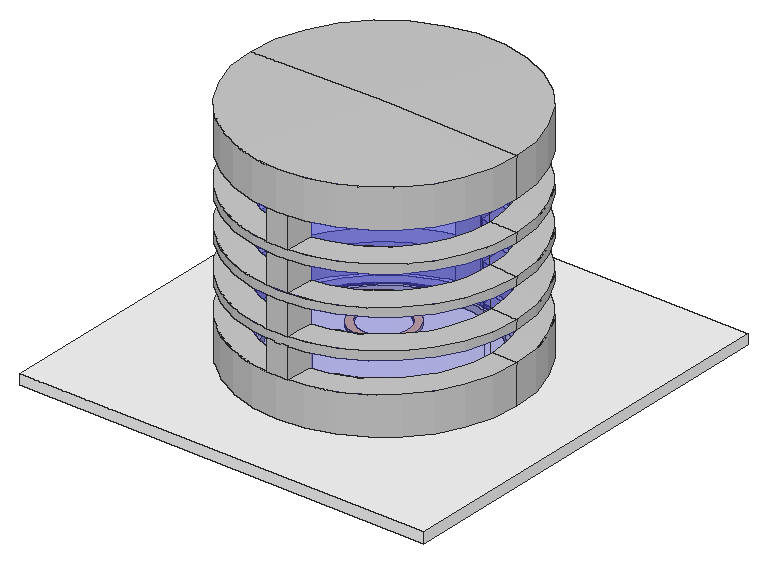
Revit family "BE_99777_de_DE", category Leuchten, Revit 2020
Family settings
  Basisbauteil = Fläche
  Bemaßung runder Anschluss = Durchmesser verwenden
  Teiletyp = Normal
  Beim Laden mit Abzugskörper schneiden = Ja
  Lichtquelle = Ja
  Gemeinsam genutzt = Nein
  Raumberechnungspunkt = Ja
Parameters (values of type "BEGA_99777_Silber_K4")
  built-in parameter 1150104 = 12.482 (stored number, unit not read)
  Werkzeuglos = ""
  Wattage = 29.4 W
  Default Elevation = 0 mm
  built-in parameter 1150113 = 1 (stored number, unit not read)
  built-in parameter 1114218 = 1 (stored number, unit not read)
  Umgebungstemperatur = "25 °C"
  URL = "https://www.bega.com/de/produkt/99777"
  Typenkommentare = "© 2022 BEGA. Wir behalten uns das Recht vor, technische Änderungen ohne vorherige Ankündigung vorzunehmen."  # constant formula
  Type Image = 99777.png
  built-in parameter 1150134 = 12
  built-in parameter 1150109 = 1 (stored number, unit not read)
  Strom = ""
  built-in parameter 1150110 = 1 (stored number, unit not read)
  Spannung = 239.996 V
  Sonderanfertigung = no
  Seriennummer [instance] = "Hier können Sie die eindeutige Seriennummer für das Facility Management eintragen."
  Schutzklasse = "I"
  Schutzart = "IP 65"
  Scheinlast = 0 VA
  Produktdatenblatt = "https://cdn.bega.com/bega/products/99777K3/current/documents/data-sheets/de"
  Oberflächentemperatur = ""
  Neigungswinkel = 0.00°
  Modell = "99777AK4"
  Material_18 = BEGA_Gummi_schwarz
  Material_17 = BEGA_Reflektor
  Material_15 = BEGA_Leuchtmedium_matt
  Material_11 = BEGA_Glas_opal
  Material_06 = BEGA_Oberfläche_Edelstahl_gebürstet
  Material_02 = BEGA_Oberfläche_Silber_matt
  Material_01 [instance] = BEGA_Oberfläche_Grafit_matt
  M_G = no
  M_A = yes
  Logo = 0
  built-in parameter 1114217 = 1 (stored number, unit not read)
  built-in parameter 1150139 = (empty or 0)
  built-in parameter 1150105 = 314.32 (stored number, unit not read)
  built-in parameter 1150114 = 1 (stored number, unit not read)
  Lumens = 3949.89 lm
  built-in parameter 1150115 = 1 (stored number, unit not read)
  Leuchtenlichtstrom = "900 lm"
  Leuchtenanzahl = ""
  Lebensdauerkriterien = "L70B50 @ 25 °C = 86000 h"
  Lastklassifizierung = Beleuchtung
  built-in parameter 1150112 = 1 (stored number, unit not read)
  Lampenlichtstrom = "4960 lm"
  Lampe = "LED 28.1 W"
  LED_Modulbezeichnung = "LED-0556/840"
  built-in parameter 1150142 = (empty or 0)
  Hersteller = "BEGA"  # constant formula
  Gewicht = "10.95 kg"
  Gebrauchslageneinschränkung [instance] = ""
  Frequenz = "0/50-60 Hz"
  Farbwiedergabeindex = "CRI > 80"
  Farbtemperaturverschiebung bei Dämpfen der Lampe = <Keine Auswahl>
  Farbtemperatur = "4000 K"
  Color Filter = 16777215
  built-in parameter 1150133 = 10 (stored number, unit not read)
  Energieeffizienzklasse = "LED A++ - A"
  built-in parameter 1150137 = (empty or 0)
  built-in parameter 1150132 = (empty or 0)
  ENEC = "ja"
  Datei für fotometrisches Netz = "BE_99777K4.IES"
  CE_Konformität = "ja"
  Bestellnummer = "99777AK4"
  Beschreibung_Sonderanfertigung = "Hier können Sie Informationen zur Sonderanfertigung eintragen."
  Beschreibung = "Pollerleuchtenkopf"
  built-in parameter 1150106 = 3.1432 (stored number, unit not read)
  BEGA_Intern_aus = yes
  BEGA_Intern_an = yes
  BEGA_Intern_Konstruktion = yes
  BEGA_Intern = yes
  BEGA_IES = yes
  BEGA_Dummy = no
  Anschlussleistung [instance] = "32.4 W"
  built-in parameter 1150107 = 4000 (stored number, unit not read)
  built-in parameter 1150102 = (empty or 0)
  built-in parameter 1150138 = (empty or 0)
  Aktualisierung = "2022-05-20T04:00:08"
  AC/DC = "AC/DC"
Types (4, lengths in mm): name | built-in parameter 1150134 | Modell | M_G | M_A | Leuchtenlichtstrom | Lampenlichtstrom | LED_Modulbezeichnung | Farbtemperatur | Datei für fotometrisches Netz | Bestellnummer | built-in parameter 1150107
  BEGA_99777_Silber_K4 | 12 | "99777AK4" | no | yes | "900 lm" | "4960 lm" | "LED-0556/840" | "4000 K" | "BE_99777K4.IES" | "99777AK4" | 4000 (stored number, unit not read)
  BEGA_99777_Grafit_K4 | 12 | "99777K4" | yes | no | "900 lm" | "4960 lm" | "LED-0556/840" | "4000 K" | "BE_99777K4.IES" | "99777K4" | 4000 (stored number, unit not read)
  BEGA_99777_Silber_K3 | (empty or 0) | "99777AK3" | no | yes | "888 lm" | "4895 lm" | "LED-0556/830" | "3000 K" | "BE_99777K3.IES" | "99777AK3" | 3000 (stored number, unit not read)
  BEGA_99777_Grafit_K3 | (empty or 0) | "99777K3" | yes | no | "888 lm" | "4895 lm" | "LED-0556/830" | "3000 K" | "BE_99777K3.IES" | "99777K3" | 3000 (stored number, unit not read)
Reference planes
  plane 1 "Mitte (Vorne/Hinten)": y = 0
  plane 2: z = 0
  plane 3 "Mitte (Links/Rechts)": x = 0
  plane 4 "Links": x = -132
  plane 5 "Rechts": x = 132
  plane 6 "Unten": y = -132.003
  plane 7 "Oben": y = 132
  plane 8 "Vorne": z = 225
  plane 9 "Hinten": z = -133.75
Forms (mm)
  Extrusion 1, solid, material "BEGA_Platte_Weiss"
    sketch origin (0, -1119.2, 0) x (1, 0, 0) y (0, 1, 0)
      loop
        line (-200, 1319.2) -> (-200, 919.2) -> (200, 919.2) -> (200, 1319.2) -> (-200, 1319.2)
    from 0 to -10
  Extrusion 2, solid, material "BEGA_Dummy_matt", visible <- "BEGA_Dummy"
    sketch origin (77.149, -76.023, 0) x (1, 0, 0) y (0, 1, 0)
      loop
        circle (-77.149, 76.023) r 132.029
    from -133.75 to 224.104
Dimensions and locks
  plane 1 "Mitte (Vorne/Hinten)" to Extrusion 1 = 200 mm
  aligned and locked: plane 2 to Extrusion 1
  aligned and locked: level to Extrusion 1
Nested families
  nested 1: "BE_99777_Pollerkopf" at (0, 0, 0), type "BE_99777_Pollerkopf"
    with BEGA_Infotext_Winkel no
Connectors
  electrical at (0, 0, 0), driven by "Lastklassifizierung", driven by "Spannung", driven by "Scheinlast"
    settings: index 1, voltage 239.996 V, apparent load 0 VA, apparent load phase1 0 VA, apparent load phase2 0 VA, apparent load phase3 0 VA, power factor 1, load classification "Beleuchtung", number of poles 1, system type 31, power factor state 1, is connector primary yes, connector utility no, sub classification motor no, connector description ""
Definition of nested family "BE_99777_Pollerkopf"
  Parameters (values of type "BE_99777_Pollerkopf")
    Default Elevation = 1 mm
    URL = "http://www.bega.de/de/produkt"
    Type Comments = "© 2015 BEGA. Wir behalten uns das Recht vor, technische Änderungen ohne vorherige Ankündigung vorzunehmen. "  # constant formula
    Type Image = element 69191
    Material_18 = none
    Material_15 = none
    Material_11 = none
    Material_02 = none
    Material_01 = none
    M_G = yes
    M_A = yes
    Länge_Platte = 300 mm  # constant formula
    Höhe_Platte = -10 mm  # constant formula
    Manufacturer = "BEGA"  # constant formula
    Breite_Platte = 300 mm  # constant formula
    BEGA_Infotext_Winkel [instance] = no
    Aktualisierung = "Stand: 25.03.2015"  # constant formula
  Reference planes
    plane 1 "Mitte (Oben/Unten)": y = 0
    plane 2: z = 0
    plane 3 "Mitte (Links/Rechts)": x = 0
    plane 4: x = -132
    plane 5: x = 132
    plane 6: z = 224.104
    plane 7: y = -132.003
    plane 8: y = 132
    plane 9: z = -133.75
  Forms (mm)
    Extrusion 1, solid, detail levels medium
      sketch origin (0, 0, 0) x (1, 0, 0) y (0, 1, 0)
        loop
          line (-150, 150) -> (-150, -150) -> (150, -150) -> (150, 150) -> (-150, 150)
      from 0 to -10 <- "Höhe_Platte"
    Revolve 2, solid, material <- "Material_01", visible <- "M_G", detail levels medium+fine
      sketch origin (0, 0, 0) x (1, 0, 0) y (0, 0, 1)
        loop
          line (0, 223.804) -> (-132, 221.5) -> (-132, 183.5) -> (-105.376, 182.57) -> (-105.055, 205.556)
          arc (-105.055, 205.556) -> (-103.865, 208.347) -> (-101.058, 209.5) r 4
          line (-101.058, 209.5) -> (-86.85, 209.5) -> (-86.675, 214.5) -> (0, 214.5) -> (0, 223.804)
        loop
          line (-105.769, 154.416) -> (-132, 153.5) -> (-132, 145) -> (-105.913, 144.089) -> (-105.769, 154.416)
        loop
          line (-106.307, 115.897) -> (-132, 115) -> (-132, 106.5) -> (-106.451, 105.608) -> (-106.307, 115.897)
        loop
          line (-106.845, 77.378) -> (-132, 76.5) -> (-132, 68) -> (-106.988, 67.127) -> (-106.845, 77.378)
        loop
          line (-107.383, 38.86) -> (-132, 38) -> (-132, 0) -> (-128, 0) -> (-126.848, 33) -> (-107.465, 33) -> (-107.383, 38.86)
        axis (0, 223.804) -> (0, 0)
      angle from 0 to 360
    Extrusion 3, solid, material <- "Material_01", visible <- "M_G", detail levels medium+fine
      sketch origin (0, 0, 0) x (1, 0, 0) y (0, 1, 0)
        loop
          line (-10, 131.621) -> (-12.338, 104.897)
          arc (-12.338, 104.897) -> (0, 105.62) -> (12.338, 104.897) r 105.62
          line (12.338, 104.897) -> (10, 131.621)
          arc (10, 131.621) -> (0, 132) -> (-10, 131.621) r 132
        loop
          arc (-10, -131.621) -> (0, -132) -> (10, -131.621) r 132
          line (10, -131.621) -> (12.338, -104.897)
          arc (12.338, -104.897) -> (0, -105.62) -> (-12.338, -104.897) r 105.62
          line (-12.338, -104.897) -> (-10, -131.621)
      from 0 to 183.5
    Revolve 4, solid, material <- "Material_11", detail levels medium+fine
      sketch origin (0, 0, 0) x (1, 0, 0) y (0, 0, 1)
        loop
          arc (-95.929, 196.648) -> (-94.123, 200.793) -> (-89.936, 202.5) r 6
          line (-89.936, 202.5) -> (0, 202.5) -> (0, 208.5) -> (-100.465, 208.5)
          arc (-100.465, 208.5) -> (-102.568, 207.64) -> (-103.464, 205.552) r 3
          line (-103.464, 205.552) -> (-107, 3) -> (-101, 3) -> (-95.929, 196.648)
        axis (0, 208.5) -> (0, 3)
      angle from 0 to 360
    Revolve 5, solid, material <- "Material_01", visible <- "M_G", detail levels medium+fine
      sketch origin (0, 0, 0) x (1, 0, 0) y (0, 0, 1)
        loop
          line (-116.636, -33) -> (-113.865, -30.229) -> (-113.693, -25.5) -> (-98.202, -25.5) -> (-97.592, -42.946)
          arc (-97.592, -42.946) -> (-97.273, -43.969) -> (-96.471, -44.681) r 2
          line (-96.471, -44.681) -> (-92.729, -46.5) -> (-89.105, -46.5)
          arc (-89.105, -46.5) -> (-88.411, -46.22) -> (-88.106, -45.537) r 1
          line (-88.106, -45.537) -> (-88.034, -43.464)
          arc (-88.034, -43.464) -> (-87.729, -42.78) -> (-87.034, -42.5) r 1
          line (-87.034, -42.5) -> (-33.611, -42.5) -> (-32.5, -55.2) -> (-29.5, -55.2) -> (-28.389, -42.5) -> (-6, -42.5) -> (-6, -38) -> (-93.163, -38)
          arc (-93.163, -38) -> (-93.857, -37.72) -> (-94.162, -37.036) r 1
          line (-94.162, -37.036) -> (-95.7, 7) -> (-98.621, 7) -> (-98.9, -1) -> (-108, -1) -> (-108.105, 2) -> (-121, 2) -> (-121, -8) -> (-117.5, -8) -> (-117.5, -27.5) -> (-120.5, -30.5) -> (-120.5, -33) -> (-116.636, -33)
        axis (0, 7) -> (0, -55.2)
      angle from 0 to 360
    Revolve 6, solid, material <- "Material_01", visible <- "M_G", detail levels medium+fine
      sketch origin (0, 0, 0) x (1, 0, 0) y (0, 0, 1)
        loop
          line (-33.8, -59.2) -> (-29.3, -59.2) -> (-28.596, -99.544)
          arc (-28.596, -99.544) -> (-27.848, -101.283) -> (-26.096, -102) r 2.5
          line (-26.096, -102) -> (-12.587, -102) -> (-12.5, -107) -> (-7.691, -107) -> (-7.6, -100.2) -> (-24.749, -100.2)
          arc (-24.749, -100.2) -> (-26.151, -99.627) -> (-26.749, -98.235) r 2
          line (-26.749, -98.235) -> (-27.5, -55.2) -> (-33.87, -55.2) -> (-33.8, -59.2)
        axis (0, -55.2) -> (0, -107)
      angle from 0 to 360
    Revolve 7, solid, material <- "Material_18", detail levels medium+fine
      sketch origin (0, 0, 0) x (1, 0, 0) y (0, 0, 1)
        loop
          line (0, -133.75) -> (0, -102) -> (-6.93, -102) -> (-6.93, -107.75) -> (-9.5, -107.75) -> (-9.5, -112.75) -> (-7.6, -112.75) -> (-7.6, -118.25) -> (-9.5, -118.25) -> (-9.5, -128.154) -> (-9.197, -129.55)
          arc (-9.197, -129.55) -> (-7.967, -132.52) -> (-4.997, -133.75) r 4.2
          line (-4.997, -133.75) -> (0, -133.75)
        axis (0, -102) -> (0, -133.75)
      angle from 0 to 360
    Extrusion 8, solid, material <- "Material_15", detail levels medium+fine
      sketch origin (0, 0, 0) x (1, 0, 0) y (0, 1, 0)
        loop
          circle (0, 0) r 30.5
        loop
          circle (0, 0) r 23.629
      from 27 to 29.32
    Revolve 9, solid, material <- "Material_02", visible <- "M_A", detail levels medium+fine
      sketch origin (0, 0, 0) x (1, 0, 0) y (0, 0, 1)
        loop
          line (0, 223.804) -> (-132, 221.5) -> (-132, 183.5) -> (-105.376, 182.57) -> (-105.055, 205.556)
          arc (-105.055, 205.556) -> (-103.865, 208.347) -> (-101.058, 209.5) r 4
          line (-101.058, 209.5) -> (-86.85, 209.5) -> (-86.675, 214.5) -> (0, 214.5) -> (0, 223.804)
        loop
          line (-105.769, 154.416) -> (-132, 153.5) -> (-132, 145) -> (-105.913, 144.089) -> (-105.769, 154.416)
        loop
          line (-106.307, 115.897) -> (-132, 115) -> (-132, 106.5) -> (-106.451, 105.608) -> (-106.307, 115.897)
        loop
          line (-106.845, 77.378) -> (-132, 76.5) -> (-132, 68) -> (-106.988, 67.127) -> (-106.845, 77.378)
        loop
          line (-107.383, 38.86) -> (-132, 38) -> (-132, 0) -> (-128, 0) -> (-126.848, 33) -> (-107.465, 33) -> (-107.383, 38.86)
        axis (0, 223.804) -> (0, 0)
      angle from 0 to 360
    Extrusion 10, solid, material <- "Material_02", visible <- "M_A", detail levels medium+fine
      sketch origin (0, 0, 0) x (1, 0, 0) y (0, 1, 0)
        loop
          line (-10, 131.621) -> (-12.338, 104.897)
          arc (-12.338, 104.897) -> (0, 105.62) -> (12.338, 104.897) r 105.62
          line (12.338, 104.897) -> (10, 131.621)
          arc (10, 131.621) -> (0, 132) -> (-10, 131.621) r 132
        loop
          arc (-10, -131.621) -> (0, -132) -> (10, -131.621) r 132
          line (10, -131.621) -> (12.338, -104.897)
          arc (12.338, -104.897) -> (0, -105.62) -> (-12.338, -104.897) r 105.62
          line (-12.338, -104.897) -> (-10, -131.621)
      from 0 to 183.5
    Revolve 11, solid, material <- "Material_02", visible <- "M_A", detail levels medium+fine
      sketch origin (0, 0, 0) x (1, 0, 0) y (0, 0, 1)
        loop
          line (-116.636, -33) -> (-113.865, -30.229) -> (-113.693, -25.5) -> (-98.202, -25.5) -> (-97.592, -42.946)
          arc (-97.592, -42.946) -> (-97.273, -43.969) -> (-96.471, -44.681) r 2
          line (-96.471, -44.681) -> (-92.729, -46.5) -> (-89.105, -46.5)
          arc (-89.105, -46.5) -> (-88.411, -46.22) -> (-88.106, -45.537) r 1
          line (-88.106, -45.537) -> (-88.034, -43.464)
          arc (-88.034, -43.464) -> (-87.729, -42.78) -> (-87.034, -42.5) r 1
          line (-87.034, -42.5) -> (-33.611, -42.5) -> (-32.5, -55.2) -> (-29.5, -55.2) -> (-28.389, -42.5) -> (-6, -42.5) -> (-6, -38) -> (-93.163, -38)
          arc (-93.163, -38) -> (-93.857, -37.72) -> (-94.162, -37.036) r 1
          line (-94.162, -37.036) -> (-95.7, 7) -> (-98.621, 7) -> (-98.9, -1) -> (-108, -1) -> (-108.105, 2) -> (-121, 2) -> (-121, -8) -> (-117.5, -8) -> (-117.5, -27.5) -> (-120.5, -30.5) -> (-120.5, -33) -> (-116.636, -33)
        axis (0, 7) -> (0, -55.2)
      angle from 0 to 360
    Revolve 12, solid, material <- "Material_02", visible <- "M_A", detail levels medium+fine
      sketch origin (0, 0, 0) x (1, 0, 0) y (0, 0, 1)
        loop
          line (-33.8, -59.2) -> (-29.3, -59.2) -> (-28.596, -99.544)
          arc (-28.596, -99.544) -> (-27.848, -101.283) -> (-26.096, -102) r 2.5
          line (-26.096, -102) -> (-12.587, -102) -> (-12.5, -107) -> (-7.691, -107) -> (-7.6, -100.2) -> (-24.749, -100.2)
          arc (-24.749, -100.2) -> (-26.151, -99.627) -> (-26.749, -98.235) r 2
          line (-26.749, -98.235) -> (-27.5, -55.2) -> (-33.87, -55.2) -> (-33.8, -59.2)
        axis (0, -55.2) -> (0, -107)
      angle from 0 to 360
  Cuts and joins
    joined: Revolve 2, Extrusion 3
    joined: Revolve 9, Extrusion 10
  Dimensions and locks
    equal spacing: Extrusion 1 sketch curve, plane 3 "Mitte (Links/Rechts)", Extrusion 1 sketch curve
    equal spacing: Extrusion 1 sketch curve, plane 1 "Mitte (Oben/Unten)", Extrusion 1 sketch curve
    "Länge_Platte": Extrusion 1 sketch curve to Extrusion 1 sketch curve
    "Breite_Platte": Extrusion 1 sketch curve to Extrusion 1 sketch curve
    plane 1 "Mitte (Oben/Unten)" to Extrusion 1 = 150 mm  (x3)
    aligned and locked: Extrusion 1 to plane 2
    aligned and locked: level to Extrusion 1
  Automatic sketch dimensions
    Revolve 2 sketch curve to Revolve 2 sketch curve = 26.624 mm
    Revolve 2 sketch curve to Revolve 2 sketch curve = 0.321 mm
    Revolve 2 sketch curve to Revolve 2 sketch curve = 4 mm  (x2)
    Revolve 2 sketch curve to Revolve 2 sketch curve = 0.056 mm
    Revolve 2 sketch curve to Revolve 2 sketch curve = 0.003 mm
    Revolve 2 sketch curve to Revolve 2 sketch curve = 14.208 mm
    Revolve 2 sketch curve to plane 3 "Mitte (Links/Rechts)" = 0 mm  (x2)
    Revolve 2 sketch curve to Revolve 2 sketch curve = 0.537 mm  (x3)
    Revolve 2 sketch curve to Revolve 2 sketch curve = 0.144 mm  (x2)
    Revolve 2 sketch curve to Revolve 2 sketch curve = 10.327 mm
    Revolve 2 sketch curve to Revolve 2 sketch curve = 26.231 mm
    Revolve 2 sketch curve to Revolve 2 sketch curve = 0.175 mm
    Revolve 2 sketch curve to Revolve 2 sketch curve = 0.916 mm
    Revolve 2 sketch curve to Revolve 2 sketch curve = 8.5 mm  (x3)
    Revolve 2 sketch curve to Revolve 2 sketch curve = 38.481 mm  (x2)
    Revolve 2 sketch curve to Revolve 2 sketch curve = 10.289 mm
    Revolve 2 sketch curve to Revolve 2 sketch curve = 25.693 mm
    Revolve 2 sketch curve to Revolve 2 sketch curve = 0.892 mm
    Revolve 2 sketch curve to Revolve 2 sketch curve = 0.143 mm
    Revolve 2 sketch curve to Revolve 2 sketch curve = 10.252 mm
    Revolve 2 sketch curve to Revolve 2 sketch curve = 25.155 mm
    Revolve 2 sketch curve to Revolve 2 sketch curve = 0.873 mm
    Revolve 2 sketch curve to Revolve 2 sketch curve = 0 mm
    level to Revolve 2 sketch curve = 38.86 mm
    Revolve 2 sketch curve to Revolve 2 sketch curve = 24.617 mm
    Revolve 2 sketch curve to Revolve 2 sketch curve = 0.86 mm
    level to Revolve 2 sketch curve = 33 mm
    Revolve 2 sketch curve to Revolve 2 sketch curve = 5.152 mm
    Revolve 2 sketch curve to Revolve 2 sketch curve = 0.082 mm
    Revolve 2 sketch curve to level = 0 mm
    plane 1 "Mitte (Oben/Unten)" to Extrusion 3 sketch curve = 0 mm
    Extrusion 3 sketch curve to plane 3 "Mitte (Links/Rechts)" = 0 mm
    Extrusion 3 sketch curve to plane 3 "Mitte (Links/Rechts)" = 10 mm  (x2)
    plane 3 "Mitte (Links/Rechts)" to Extrusion 3 sketch curve = 10 mm  (x2)
    Extrusion 3 sketch curve to plane 3 "Mitte (Links/Rechts)" = 12.338 mm  (x2)
    plane 3 "Mitte (Links/Rechts)" to Extrusion 3 sketch curve = 12.338 mm  (x2)
    Extrusion 3 sketch curve to Extrusion 3 sketch curve = 26.723 mm  (x2)
    Extrusion 3 sketch curve to Extrusion 3 sketch curve = 0 mm  (x6)
    Revolve 4 sketch curve to Revolve 4 sketch curve = 3 mm
    Revolve 4 sketch curve to Revolve 4 sketch curve = 0.052 mm
    level to Revolve 4 sketch curve = 3 mm
    Revolve 4 sketch curve to Revolve 4 sketch curve = 6 mm  (x2)
    Revolve 4 sketch curve to Revolve 4 sketch curve = 0 mm  (x2)
    Revolve 4 sketch curve to Revolve 4 sketch curve = 4.536 mm
    Revolve 4 sketch curve to Revolve 4 sketch curve = 5.998 mm
    Revolve 4 sketch curve to Revolve 4 sketch curve = 0.005 mm
    Revolve 4 sketch curve to plane 3 "Mitte (Links/Rechts)" = 0 mm  (x2)
    Revolve 5 sketch curve to level = 42.946 mm
    Revolve 5 sketch curve to plane 3 "Mitte (Links/Rechts)" = 97.592 mm
    Revolve 5 sketch curve to level = 44.681 mm
    Revolve 5 sketch curve to Revolve 5 sketch curve = 1.121 mm
    Revolve 5 sketch curve to Revolve 5 sketch curve = 1.999 mm
    Revolve 5 sketch curve to level = 25.5 mm
    Revolve 5 sketch curve to Revolve 5 sketch curve = 0.609 mm
    Revolve 5 sketch curve to Revolve 5 sketch curve = 15.492 mm
    Revolve 5 sketch curve to level = 30.229 mm
    Revolve 5 sketch curve to Revolve 5 sketch curve = 0.171 mm
    Revolve 5 sketch curve to Revolve 5 sketch curve = 2.771 mm
    Revolve 5 sketch curve to Revolve 5 sketch curve = 3.807 mm
    Revolve 5 sketch curve to level = 27.5 mm
    Revolve 5 sketch curve to Revolve 5 sketch curve = 3.864 mm
    Revolve 5 sketch curve to level = 30.5 mm
    level to Revolve 5 sketch curve = 7 mm
    Revolve 5 sketch curve to Revolve 5 sketch curve = 21.8 mm
    Revolve 5 sketch curve to level = 37.036 mm
    Revolve 5 sketch curve to Revolve 5 sketch curve = 1.431 mm
    Revolve 5 sketch curve to Revolve 5 sketch curve = 3.743 mm
    Revolve 5 sketch curve to Revolve 5 sketch curve = 2.5 mm
    Revolve 5 sketch curve to level = 8 mm
    Revolve 5 sketch curve to Revolve 5 sketch curve = 0.999 mm  (x3)
    Revolve 5 sketch curve to Revolve 5 sketch curve = 0.036 mm  (x2)
    Revolve 5 sketch curve to plane 3 "Mitte (Links/Rechts)" = 6 mm
    Revolve 5 sketch curve to Revolve 5 sketch curve = 4.695 mm
    Revolve 5 sketch curve to Revolve 5 sketch curve = 0.072 mm
    Revolve 5 sketch curve to Revolve 5 sketch curve = 27.611 mm
    Revolve 5 sketch curve to Revolve 5 sketch curve = 2.072 mm
    Revolve 5 sketch curve to Revolve 5 sketch curve = 0.037 mm
    Revolve 5 sketch curve to Revolve 5 sketch curve = 1.111 mm
    Revolve 5 sketch curve to Revolve 5 sketch curve = 3 mm
    Revolve 5 sketch curve to Revolve 5 sketch curve = 5.222 mm
    Revolve 5 sketch curve to Revolve 5 sketch curve = 12.7 mm
    Revolve 5 sketch curve to Revolve 5 sketch curve = 0 mm
    Revolve 5 sketch curve to Revolve 5 sketch curve = 4.5 mm
    level to Revolve 5 sketch curve = 2 mm
    Revolve 5 sketch curve to Revolve 5 sketch curve = 12.405 mm
    Revolve 5 sketch curve to level = 1 mm
    Revolve 5 sketch curve to Revolve 5 sketch curve = 0.105 mm
    Revolve 5 sketch curve to Revolve 5 sketch curve = 3.2 mm
    Revolve 5 sketch curve to Revolve 5 sketch curve = 2.921 mm
    Revolve 5 sketch curve to Revolve 5 sketch curve = 3.5 mm
    Revolve 6 sketch curve to plane 3 "Mitte (Links/Rechts)" = 33.87 mm
    Revolve 6 sketch curve to Revolve 6 sketch curve = 0.07 mm
    Revolve 6 sketch curve to plane 3 "Mitte (Links/Rechts)" = 26.749 mm
    Revolve 6 sketch curve to Revolve 6 sketch curve = 0.653 mm
    Revolve 6 sketch curve to Revolve 6 sketch curve = 1.347 mm  (x2)
    Revolve 6 sketch curve to Revolve 6 sketch curve = 4.5 mm
    Revolve 6 sketch curve to Revolve 6 sketch curve = 1.847 mm
    Revolve 6 sketch curve to Revolve 6 sketch curve = 0 mm  (x7)
    Revolve 6 sketch curve to Revolve 6 sketch curve = 1.8 mm  (x2)
    Revolve 6 sketch curve to Revolve 6 sketch curve = 4 mm
    Revolve 6 sketch curve to Revolve 6 sketch curve = 12.162 mm
    Revolve 6 sketch curve to Revolve 6 sketch curve = 0.087 mm
    Revolve 6 sketch curve to Revolve 6 sketch curve = 4.809 mm
    Revolve 6 sketch curve to Revolve 6 sketch curve = 4.987 mm
    Revolve 6 sketch curve to Revolve 6 sketch curve = 5 mm
    Revolve 2 sketch curve to Revolve 2 sketch curve = 28.267 mm
    Revolve 2 sketch curve to Revolve 2 sketch curve = 28.154 mm
    Revolve 2 sketch curve to Revolve 2 sketch curve = 0.93 mm
    Revolve 2 sketch curve to Revolve 2 sketch curve = 22.93 mm
    Revolve 2 sketch curve to Revolve 2 sketch curve = 5 mm
    Revolve 2 sketch curve to Revolve 2 sketch curve = 15.944 mm
    Revolve 2 sketch curve to Revolve 2 sketch curve = 9.304 mm
    Revolve 2 sketch curve to Revolve 2 sketch curve = 2385.254 mm
    Revolve 4 sketch curve to Revolve 4 sketch curve = 193.5 mm
    Revolve 4 sketch curve to Revolve 4 sketch curve = 0.148 mm
    Revolve 4 sketch curve to Revolve 4 sketch curve = 8.852 mm
    Revolve 4 sketch curve to Revolve 4 sketch curve = 2400.558 mm
    Revolve 2 sketch curve to plane 3 "Mitte (Links/Rechts)" = 86.675 mm
    Revolve 4 sketch curve to plane 3 "Mitte (Links/Rechts)" = 89.931 mm
    Revolve 4 sketch curve to plane 3 "Mitte (Links/Rechts)" = 101 mm
    Extrusion 3 sketch curve to plane 1 "Mitte (Oben/Unten)" = 104.897 mm
    plane 1 "Mitte (Oben/Unten)" to Extrusion 3 sketch curve = 104.897 mm
    Revolve 2 sketch curve to level = 609.6 mm
    Revolve 4 sketch curve to level = 609.6 mm
    Revolve 6 sketch curve to plane 3 "Mitte (Links/Rechts)" = 0 mm
    Revolve 6 sketch curve to level = 107 mm
    Revolve 6 sketch curve to Revolve 6 sketch curve = 0.7 mm
    Revolve 6 sketch curve to Revolve 6 sketch curve = 1.265 mm
    Revolve 6 sketch curve to Revolve 6 sketch curve = 39.035 mm
    Revolve 6 sketch curve to Revolve 6 sketch curve = 502.6 mm
    plane 6 to Revolve 6 sketch curve = 2384.954 mm
    Revolve 7 sketch curve to plane 9 = 0 mm
    Revolve 7 sketch curve to plane 3 "Mitte (Links/Rechts)" = 0 mm  (x2)
    Revolve 7 sketch curve to plane 3 "Mitte (Links/Rechts)" = 4.997 mm
    Revolve 7 sketch curve to Revolve 7 sketch curve = 6.93 mm
    Revolve 7 sketch curve to Revolve 7 sketch curve = 0.67 mm
    plane 9 to Revolve 7 sketch curve = 4.2 mm
    Revolve 7 sketch curve to Revolve 7 sketch curve = 4.2 mm
    Revolve 7 sketch curve to Revolve 7 sketch curve = 1.9 mm  (x2)
    Revolve 7 sketch curve to Revolve 7 sketch curve = 0 mm  (x3)
    Revolve 7 sketch curve to Revolve 7 sketch curve = 1.396 mm
    Revolve 7 sketch curve to Revolve 7 sketch curve = 9.904 mm
    Revolve 7 sketch curve to Revolve 7 sketch curve = 5.5 mm
    Revolve 7 sketch curve to Revolve 7 sketch curve = 5 mm
    Revolve 7 sketch curve to Revolve 7 sketch curve = 5.75 mm
    Revolve 7 sketch curve to Revolve 7 sketch curve = 475.85 mm
    plane 6 to Revolve 7 sketch curve = 2384.954 mm
    Extrusion 8 sketch curve to Extrusion 8 sketch curve = 0 mm  (x2)
    plane 1 "Mitte (Oben/Unten)" to Extrusion 8 sketch curve = 0 mm
    Extrusion 8 sketch curve to plane 3 "Mitte (Links/Rechts)" = 0 mm
    plane 4 to Revolve 9 sketch curve = 0 mm  (x5)
    Revolve 9 sketch curve to level = 0 mm
    Revolve 9 sketch curve to plane 3 "Mitte (Links/Rechts)" = 0 mm  (x2)
    Revolve 9 sketch curve to Revolve 9 sketch curve = 4 mm  (x2)
    Revolve 9 sketch curve to plane 4 = 5.152 mm
    Revolve 9 sketch curve to Revolve 9 sketch curve = 19.383 mm
    Revolve 9 sketch curve to Revolve 9 sketch curve = 0.082 mm
    Revolve 9 sketch curve to plane 4 = 25.012 mm
    Revolve 9 sketch curve to Revolve 9 sketch curve = 0.143 mm
    Revolve 9 sketch curve to plane 4 = 25.549 mm
    Revolve 9 sketch curve to Revolve 9 sketch curve = 0.144 mm  (x2)
    Revolve 9 sketch curve to plane 4 = 26.087 mm
    Revolve 9 sketch curve to plane 4 = 26.624 mm
    Revolve 9 sketch curve to Revolve 9 sketch curve = 0.321 mm
    Revolve 9 sketch curve to Revolve 9 sketch curve = 3.997 mm
    Revolve 9 sketch curve to Revolve 9 sketch curve = 14.208 mm
    Revolve 9 sketch curve to Revolve 9 sketch curve = 0.175 mm
    level to Revolve 9 sketch curve = 33 mm
    Revolve 9 sketch curve to Revolve 9 sketch curve = 5 mm
    Revolve 9 sketch curve to Revolve 9 sketch curve = 5.86 mm
    Revolve 9 sketch curve to Revolve 9 sketch curve = 28.267 mm
    Revolve 9 sketch curve to Revolve 9 sketch curve = 0.873 mm
    Revolve 9 sketch curve to Revolve 9 sketch curve = 8.5 mm  (x3)
    Revolve 9 sketch curve to Revolve 9 sketch curve = 10.252 mm
    Revolve 9 sketch curve to Revolve 9 sketch curve = 28.229 mm
    Revolve 9 sketch curve to Revolve 9 sketch curve = 0.892 mm
    Revolve 9 sketch curve to Revolve 9 sketch curve = 10.289 mm
    Revolve 9 sketch curve to Revolve 9 sketch curve = 28.192 mm
    Revolve 9 sketch curve to Revolve 9 sketch curve = 0.911 mm
    Revolve 9 sketch curve to Revolve 9 sketch curve = 10.327 mm
    Revolve 9 sketch curve to Revolve 9 sketch curve = 28.154 mm
    Revolve 9 sketch curve to Revolve 9 sketch curve = 0.93 mm
    Revolve 9 sketch curve to plane 6 = 18.604 mm
    Revolve 9 sketch curve to Revolve 9 sketch curve = 0.056 mm
    Revolve 9 sketch curve to plane 6 = 9.604 mm
    Revolve 9 sketch curve to plane 6 = 2.604 mm
    Revolve 9 sketch curve to plane 6 = 0.3 mm
    Revolve 9 sketch curve to plane 9 = 475.85 mm
    plane 6 to Revolve 9 sketch curve = 2384.954 mm
    Extrusion 10 sketch curve to Extrusion 10 sketch curve = 0 mm  (x12)
    plane 1 "Mitte (Oben/Unten)" to Extrusion 10 sketch curve = 0 mm
    Extrusion 10 sketch curve to plane 3 "Mitte (Links/Rechts)" = 0 mm
    plane 7 to Extrusion 10 sketch curve = 0.382 mm  (x2)
    Extrusion 10 sketch curve to plane 3 "Mitte (Links/Rechts)" = 10 mm  (x2)
    plane 8 to Extrusion 10 sketch curve = 0.379 mm  (x2)
    Extrusion 10 sketch curve to plane 3 "Mitte (Links/Rechts)" = 12.338 mm  (x2)
    plane 3 "Mitte (Links/Rechts)" to Extrusion 10 sketch curve = 12.338 mm  (x2)
    Extrusion 10 sketch curve to Extrusion 10 sketch curve = 26.723 mm  (x2)
    plane 3 "Mitte (Links/Rechts)" to Revolve 11 sketch curve = 0 mm
    Revolve 11 sketch curve to plane 3 "Mitte (Links/Rechts)" = 6 mm
    Revolve 11 sketch curve to Revolve 11 sketch curve = 22.389 mm
    Revolve 11 sketch curve to Revolve 11 sketch curve = 1.111 mm
    Revolve 11 sketch curve to Revolve 11 sketch curve = 3 mm  (x3)
    Revolve 11 sketch curve to Revolve 11 sketch curve = 5.222 mm
    Revolve 11 sketch curve to plane 4 = 44.966 mm
    Revolve 11 sketch curve to Revolve 11 sketch curve = 0.999 mm  (x3)
    Revolve 11 sketch curve to Revolve 11 sketch curve = 0.072 mm
    Revolve 11 sketch curve to Revolve 11 sketch curve = 3.623 mm
    Revolve 11 sketch curve to Revolve 11 sketch curve = 5.129 mm
    Revolve 11 sketch curve to Revolve 11 sketch curve = 2.865 mm
    level to Revolve 11 sketch curve = 7 mm
    Revolve 11 sketch curve to plane 4 = 36.3 mm
    Revolve 11 sketch curve to Revolve 11 sketch curve = 0.878 mm
    Revolve 11 sketch curve to Revolve 11 sketch curve = 1.999 mm
    Revolve 11 sketch curve to Revolve 11 sketch curve = 4.039 mm
    Revolve 11 sketch curve to Revolve 11 sketch curve = 2.921 mm
    Revolve 11 sketch curve to level = 1 mm
    Revolve 11 sketch curve to Revolve 11 sketch curve = 0.279 mm
    Revolve 11 sketch curve to Revolve 11 sketch curve = 9.1 mm
    Revolve 11 sketch curve to Revolve 11 sketch curve = 0.105 mm
    Revolve 11 sketch curve to Revolve 11 sketch curve = 15.492 mm
    Revolve 11 sketch curve to Revolve 11 sketch curve = 0.171 mm
    Revolve 11 sketch curve to Revolve 11 sketch curve = 2.771 mm  (x2)
    Revolve 11 sketch curve to Revolve 11 sketch curve = 9.5 mm
    level to Revolve 11 sketch curve = 2 mm
    Revolve 11 sketch curve to Revolve 11 sketch curve = 3.5 mm
    Revolve 11 sketch curve to level = 8 mm
    Revolve 11 sketch curve to Revolve 11 sketch curve = 17.5 mm
    Revolve 11 sketch curve to Revolve 11 sketch curve = 2 mm
    Revolve 11 sketch curve to Revolve 11 sketch curve = 2.729 mm
    Revolve 11 sketch curve to Revolve 11 sketch curve = 11.5 mm
    Revolve 11 sketch curve to Revolve 11 sketch curve = 0.036 mm
    Revolve 11 sketch curve to Revolve 11 sketch curve = 4.5 mm
    Revolve 11 sketch curve to Revolve 11 sketch curve = 0 mm
    Revolve 11 sketch curve to Revolve 11 sketch curve = 4.884 mm
    Revolve 11 sketch curve to Revolve 11 sketch curve = 0.062 mm
    Revolve 11 sketch curve to Revolve 11 sketch curve = 0.964 mm
    Revolve 11 sketch curve to Revolve 11 sketch curve = 2.036 mm
    Revolve 11 sketch curve to Revolve 11 sketch curve = 0.037 mm
    Revolve 11 sketch curve to Revolve 11 sketch curve = 12.7 mm
    Revolve 11 sketch curve to plane 9 = 475.85 mm
    plane 6 to Revolve 11 sketch curve = 2384.954 mm
    plane 3 "Mitte (Links/Rechts)" to Revolve 12 sketch curve = 0 mm
    Revolve 12 sketch curve to plane 3 "Mitte (Links/Rechts)" = 7.6 mm
    Revolve 12 sketch curve to Revolve 12 sketch curve = 0.091 mm
    Revolve 12 sketch curve to Revolve 12 sketch curve = 4.809 mm
    Revolve 12 sketch curve to Revolve 12 sketch curve = 0.087 mm
    Revolve 12 sketch curve to Revolve 12 sketch curve = 12.162 mm
    Revolve 12 sketch curve to Revolve 12 sketch curve = 1.347 mm  (x3)
    Revolve 12 sketch curve to Revolve 12 sketch curve = 0.653 mm
    Revolve 12 sketch curve to plane 3 "Mitte (Links/Rechts)" = 27.5 mm
    Revolve 12 sketch curve to Revolve 12 sketch curve = 1.8 mm  (x2)
    Revolve 12 sketch curve to Revolve 12 sketch curve = 4.5 mm
    Revolve 12 sketch curve to Revolve 12 sketch curve = 0.07 mm
    plane 9 to Revolve 12 sketch curve = 26.75 mm
    Revolve 12 sketch curve to Revolve 12 sketch curve = 5 mm
    Revolve 12 sketch curve to Revolve 12 sketch curve = 0.7 mm
    Revolve 12 sketch curve to Revolve 12 sketch curve = 1.265 mm
    Revolve 12 sketch curve to Revolve 12 sketch curve = 1.3 mm
    Revolve 12 sketch curve to Revolve 12 sketch curve = 39.035 mm
    Revolve 12 sketch curve to Revolve 12 sketch curve = 4 mm
    Revolve 12 sketch curve to Revolve 12 sketch curve = 0 mm  (x5)
    Revolve 12 sketch curve to Revolve 12 sketch curve = 1.847 mm
    Revolve 12 sketch curve to plane 9 = 475.85 mm
    plane 6 to Revolve 12 sketch curve = 2384.954 mm
    radius of Extrusion 8 sketch curve = 30.5 mm
    radius of Extrusion 8 sketch curve = 23.629 mm
